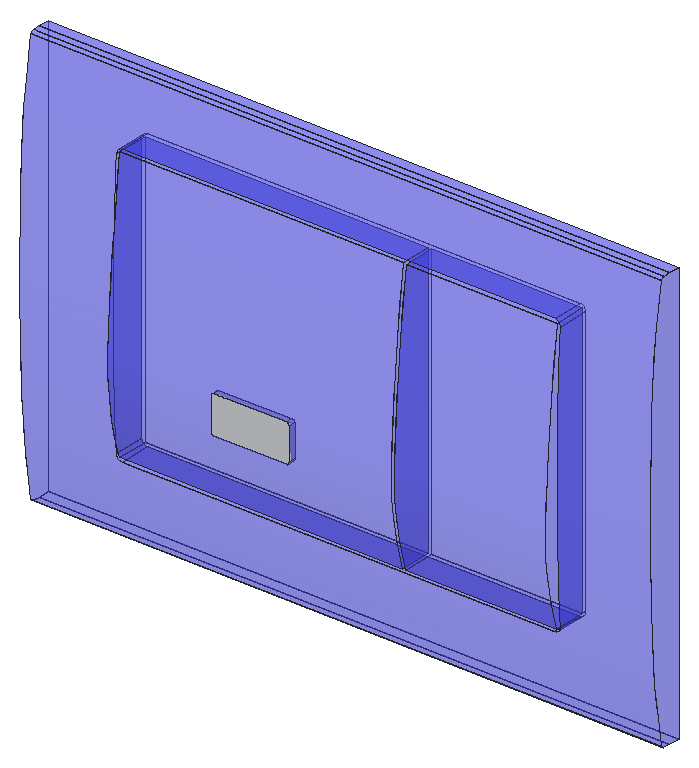
Revit family "IS_Septa_R0131_BIM_DE", category Plumbing Fixtures, Revit 2017
Family settings
  Round Connector Dimension = Use Diameter
  Part Type = Normal
  OmniClass Number = 23.45.00.00
  OmniClass Title = Sanitary, Laundry, and Cleaning Equipment
  Work Plane-Based = Yes
  Always vertical = Yes
  Cut with Voids When Loaded = No
  Shared = No
  Room Calculation Point = No
Parameters (values of type "R0131AA - SEPTA PRO E1 CHROME - IS")
  aux [instance] = if(FRAME, 0.0 mm, 1000.0 mm)  # 1000.0 mm
  Wisselstukken = "n/a"
  Werkdruk = "n/a"
  WaarborgGarantieInstallatie = "n/a"
  Vorm = "n/a"
  Volumeunits = "Litres"
  Verwachtelevensduur = "5"
  Vervangingskosten = 0
  Versie = "1"
  ValutaEenheid = "n/a"
  Urlproducent = "https://www.idealstandard.de/de/products"
  UrinoirType = "n/a"
  Uniclass2015Referentie = "Pr_40_20_93"
  Uniclass2015Beschrijving = "n/a"
  URL = "https://www.idealstandard.de/de/products"
  Typewastafel = "n/a"
  TypespoelingWC = "n/a"
  Typekraanwerk = "n/a"
  Typeconnectie = "n/a"
  Typebad = "n/a"
  TypeWC = "n/a"
  Toepassing = ""
  Testdruk = "n/a"
  Telefoonnummer = "+49 (0) 6571 16 0"
  Sluitingspatroon = "n/a"
  Revisie = "n/a"
  Referentie = ""
  Productinformatie = "https://www.idealstandard.de/profibereich"
  ProductSoort = ""
  Overloop = 0.0 mm
  OppervlakteEenheid = "mm"
  OppervlakteAfmeting = "n/a"
  Ophangingwastafel = "n/a"
  Normen = "n/a"
  Nettogewicht = 0.9
  Montageinstuctie = "https://www.idealstandard.de/profibereich"
  Model = "R0131AA"
  Merk = "Ideal Standard"
  MateriaalWC = "n/a"
  MateriaalUrinoir = "n/a"
  Materiaal = "Metal"
  Manufacturer = ""
  Lengte = 0.0 mm
  Kwaliteitsgraad = "n/a"
  Kleurwc = "n/a"
  KleurUrinoir = "n/a"
  Kleur = "0"
  Klepmechanisme = "n/a"
  Keynote = "n/a"
  Installatieinstructies = "https://www.idealstandard.de/profibereich"
  Hulp = "https://www.idealstandard.de/unternehmen"
  Hoogte = ""
  Heefthandvaten = no
  GrootteAfvoergat = 0
  GemaaktOp = "n/a"
  Garantieunits = "Year"
  Garantieonderdelen = "n/a"
  GarantieduurInstallatie = "n/a"
  Functiekraanwerk = "n/a"
  Functieindoucheruimte = "n/a"
  FRAME [instance] = no
  Eigenschappen = "n/a"
  Duurzaamheid = "n/a"
  DuurEenheid = "year"
  Douchebak = no
  Doorstromingscoëfficiënt = "n/a"
  Distributeur = "n/a"
  DikteMateriaal = "n/a"
  Diepte = 0.0 mm
  Description = "AntiVandal Proximity plate, CP DF including mechanical actuation"
  Default Elevation = 900.0 mm
  Debiet = ""
  CONTROL_Width = 14.0 mm  # constant formula
  Flush_Plate_Material [instance] = Phase-Temp
  CONTROL_Model Series = ""
  CONTROL_Material = "Polished chrome Zamac"
  CONTROL_Length = 243.0 mm  # constant formula
  CONTROL_Height = 163.0 mm  # constant formula
  CONTROL_Brief description = "High-tech inside and out. Electronic control plate with infrared sensor and mechanical atuation"  # constant formula
  BrutoGewicht = 0
  Breedte = 0
  BimObjectNaam = "0"
  Bestanddelen = "n/a"
  Beschrijvinggarantie = "Manufacturers Warranty"
  Beschrijvingdouchekop = "n/a"
  BeschrijvingBovenkantKraan = "n/a"
  Bedieningkraanwerk = "n/a"
  Bedieningkraan = "n/a"
  Barrièrevrijwonen = "n/a"
  Barcode = "0"
  Auteur = "Ideal Standrad"
  Artikelreferentie = "1"
  Artikelomschrijving = "Betätigungsplatte M3 OLEAS, mechanischen Auslösung, Schwarz"
  Artikelnummer = "R0131AA"
  Afwerking = "0"
  AfstandsEenheid = "millimeters"
  AfsluitNiveau = "n/a"
  Afmetingen = "0"
  Accesoires = ""
Reference planes
  plane 1 "Center (Front/Back)": y = 0
  plane 2: z = 0
  plane 3 "Center (Left/Right)": x = 0
  plane 4: y = -14
  plane 5: x = 115
  plane 6: x = -128
  plane 7: z = 918.497
  plane 8: z = 1000
Dimensions and locks
  "CONTROL_Width": plane 1 "Center (Front/Back)" to plane 4
  "CONTROL_Length": plane 6 to plane 5
  "aux": plane 8 to level
  locked: plane 8 to plane 7 at 81.503
  aligned and locked: level to plane 2
  aligned and locked: plane 7 to nested 1
Nested families
  nested 1: "Family3" at (16.596, -18.014, -293.007), OLI_Material <- "Flush_Plate_Material", type "Family3"
    with OLI_Material Phase-Temp
Definition of nested family "Family3"
  Parameters (values of type "Family3")
    OLI_Material [instance] = none
  Reference planes
    plane 1 "Center (Front/Back)": y = 0
    plane 2: z = 0
    plane 3 "Center (Left/Right)": x = 0
    plane 4: z = 1213.504
    plane 5: z = 1359.404
    plane 6: z = 1213.504
    plane 7: z = 1359.404
  Forms (mm)
    Extrusion 1, solid, material <- "OLI_Material"
      sketch origin (-131.596, 18.014, 286.608) x (0, 1, 0) y (0, 0, 1)
        loop
          line (-12.417, 955.095) -> (0, 955.095) -> (0, 1060.695) -> (-12.27, 1060.695)
          spline (-12.27, 1060.695) -> (-13.86, 1047.055) -> (-15.003, 1035.681) -> (-16.047, 1024.096) -> (-16.675, 1016.308) -> (-16.945, 1011.881) -> (-17.46, 1003.996) -> (-17.978, 994.625) -> (-18.079, 989.313) -> (-17.733, 981.732) -> (-16.888, 974.476) -> (-15.423, 966.052) -> (-12.417, 955.095)
      from 24.235 to 133.435
    Extrusion 2, solid, material <- "OLI_Material"
      sketch origin (-16.596, 18.014, 1286.504) x (0, 1, 0) y (0, 0, 1)
        loop
          arc (-4.7, 88) -> (-5.9, 87.977) -> (-7.091, 87.833) r 11.787
          arc (-7.091, 87.833) -> (-7.916, 87.621) -> (-8.5, 87) r 1.53
          spline (-8.5, 87) -> (-12.105, 61.076) -> (-12.859, 50.49) -> (-13.295, 39.946) -> (-13.605, 25.847) -> (-13.801, 13.438) -> (-13.833, 3.382) -> (-13.74, -8.835) -> (-13.439, -19.663) -> (-13.047, -32.182) -> (-12.45, -42.283) -> (-11.232, -55.566) -> (-8.5, -74)
          arc (-8.5, -74) -> (-8.091, -74.5) -> (-7.506, -74.776) r 1.467
          arc (-7.506, -74.776) -> (-6.055, -74.936) -> (-4.596, -75) r 22.031
          line (-4.596, -75) -> (0, -75) -> (0, 87.849) -> (-4.7, 88)
      from -128 to 115
    Extrusion 3, solid, material <- "OLI_Material"
      sketch origin (-72.222, 18.014, 286.608) x (0, 1, 0) y (0, 0, 1)
        loop
          line (-12.417, 955.095) -> (0, 955.095) -> (0, 1060.695) -> (-12.27, 1060.695)
          spline (-12.27, 1060.695) -> (-13.86, 1047.055) -> (-15.003, 1035.681) -> (-16.047, 1024.096) -> (-16.675, 1016.308) -> (-16.945, 1011.881) -> (-17.46, 1003.996) -> (-17.978, 994.625) -> (-18.079, 989.313) -> (-17.733, 981.732) -> (-16.888, 974.476) -> (-15.423, 966.052) -> (-12.417, 955.095)
      from 75.235 to 133.435
    Extrusion 4, void
      sketch origin (-16.596, 18.014, 1286.504) x (1, 0, 0) y (0, 0, 1)
        loop
          arc (-92, -43.8) -> (-91.344, -45.344) -> (-89.8, -46) r 2.242
          line (-89.8, -46) -> (76.8, -46)
          arc (76.8, -46) -> (78.356, -45.356) -> (79, -43.8) r 2.2
          line (79, -43.8) -> (79, 59.8)
          arc (79, 59.8) -> (78.356, 61.356) -> (76.8, 62) r 2.2
          line (76.8, 62) -> (-89.8, 62)
          arc (-89.8, 62) -> (-91.356, 61.356) -> (-92, 59.8) r 2.2
          line (-92, 59.8) -> (-92, -43.8)
      from -10.694 to 18.014
    Extrusion 5, solid
      sketch origin (-16.596, 18.014, 1286.504) x (1, 0, 0) y (0, 0, 1)
        loop
          line (-21.665, -5.501) -> (-49.664, -5.501)
          arc (-49.664, -5.501) -> (-50.372, -5.794) -> (-50.665, -6.502) r 1.001
          line (-50.665, -6.502) -> (-50.665, -18.999)
          arc (-50.665, -18.999) -> (-50.372, -19.707) -> (-49.665, -20) r 1.001
          line (-49.665, -20) -> (-21.675, -20)
          arc (-21.675, -20) -> (-20.961, -19.704) -> (-20.665, -18.989) r 1.011
          line (-20.665, -18.989) -> (-20.665, -6.501)
          arc (-20.665, -6.501) -> (-20.957, -5.794) -> (-21.665, -5.501) r 1
      from 15.855 to 18.272
    Extrusion 6, solid, not visible
      sketch origin (-139.843, 5, 1208.441) x (1, 0, 0) y (0, 0, 1)
        loop
          line (243.566, 10) -> (245, 10) -> (245, 15.158) -> (243.566, 15.158) -> (243.566, 10)
        loop
          line (243.283, 10) -> (243.283, 11.079) -> (241.272, 11.079) -> (241.272, 15.159) -> (239.847, 15.159) -> (239.847, 10) -> (243.283, 10)
        loop
          line (236.98, 15.258) -> (235.886, 12.252)
          arc (235.886, 12.252) -> (236.405, 11.134) -> (237.522, 11.653) r 0.871
          line (237.522, 11.653) -> (238.623, 14.659)
          arc (238.623, 14.659) -> (236.057, 10.173) -> (236.98, 15.258) r 2.622
      from 8 to 15.406
    Extrusion 7, solid, not visible
      sketch origin (-139.999, 5, 1208.597) x (1, 0, 0) y (0, 0, 1)
        loop
          circle (237.759, 14.263) r 0.7
      from 8 to 15.406
    Extrusion 8, solid, material <- "OLI_Material", not visible
      sketch origin (-115, 0, 286.608) x (0, 1, 0) y (0, 0, 1)
        loop
          line (-12.417, 955.095) -> (0, 955.095) -> (0, 1060.695) -> (-12.27, 1060.695)
          spline (-12.27, 1060.695) -> (-13.86, 1047.055) -> (-15.003, 1035.681) -> (-16.047, 1024.096) -> (-16.675, 1016.308) -> (-16.945, 1011.881) -> (-17.46, 1003.996) -> (-17.978, 994.625) -> (-18.079, 989.313) -> (-17.733, 981.732) -> (-16.888, 974.476) -> (-15.423, 966.052) -> (-12.417, 955.095)
      from 24.235 to 133.435
    Extrusion 9, solid, material <- "OLI_Material", not visible
      sketch origin (0, 0, 1286.504) x (0, 1, 0) y (0, 0, 1)
        loop
          arc (-4.7, 88) -> (-5.9, 87.977) -> (-7.091, 87.833) r 11.787
          arc (-7.091, 87.833) -> (-7.916, 87.621) -> (-8.5, 87) r 1.53
          spline (-8.5, 87) -> (-12.105, 61.076) -> (-12.859, 50.49) -> (-13.295, 39.946) -> (-13.605, 25.847) -> (-13.801, 13.438) -> (-13.833, 3.382) -> (-13.74, -8.835) -> (-13.439, -19.663) -> (-13.047, -32.182) -> (-12.45, -42.283) -> (-11.232, -55.566) -> (-8.5, -74)
          arc (-8.5, -74) -> (-8.091, -74.5) -> (-7.506, -74.776) r 1.467
          arc (-7.506, -74.776) -> (-6.055, -74.936) -> (-4.596, -75) r 22.031
          line (-4.596, -75) -> (0, -75) -> (0, 87.849) -> (-4.7, 88)
      from -128 to 115
    Extrusion 10, solid, material <- "OLI_Material", not visible
      sketch origin (-55.625, 0, 286.608) x (0, 1, 0) y (0, 0, 1)
        loop
          line (-12.417, 955.095) -> (0, 955.095) -> (0, 1060.695) -> (-12.27, 1060.695)
          spline (-12.27, 1060.695) -> (-13.86, 1047.055) -> (-15.003, 1035.681) -> (-16.047, 1024.096) -> (-16.675, 1016.308) -> (-16.945, 1011.881) -> (-17.46, 1003.996) -> (-17.978, 994.625) -> (-18.079, 989.313) -> (-17.733, 981.732) -> (-16.888, 974.476) -> (-15.423, 966.052) -> (-12.417, 955.095)
      from 75.235 to 133.435
    Extrusion 11, void, not visible
      sketch origin (0, 0, 1286.504) x (1, 0, 0) y (0, 0, 1)
        loop
          arc (-92, -43.8) -> (-91.344, -45.344) -> (-89.8, -46) r 2.242
          line (-89.8, -46) -> (76.8, -46)
          arc (76.8, -46) -> (78.356, -45.356) -> (79, -43.8) r 2.2
          line (79, -43.8) -> (79, 59.8)
          arc (79, 59.8) -> (78.356, 61.356) -> (76.8, 62) r 2.2
          line (76.8, 62) -> (-89.8, 62)
          arc (-89.8, 62) -> (-91.356, 61.356) -> (-92, 59.8) r 2.2
          line (-92, 59.8) -> (-92, -43.8)
      from -10.694 to 18.014
    Extrusion 12, solid, not visible
      sketch origin (0, 0, 1286.504) x (1, 0, 0) y (0, 0, 1)
        loop
          line (-21.665, -5.501) -> (-49.664, -5.501)
          arc (-49.664, -5.501) -> (-50.372, -5.794) -> (-50.665, -6.502) r 1.001
          line (-50.665, -6.502) -> (-50.665, -18.999)
          arc (-50.665, -18.999) -> (-50.372, -19.707) -> (-49.665, -20) r 1.001
          line (-49.665, -20) -> (-21.675, -20)
          arc (-21.675, -20) -> (-20.961, -19.704) -> (-20.665, -18.989) r 1.011
          line (-20.665, -18.989) -> (-20.665, -6.501)
          arc (-20.665, -6.501) -> (-20.957, -5.794) -> (-21.665, -5.501) r 1
      from 15.855 to 18.272
  Cuts and joins
    Extrusion 4 cuts Extrusion 2
  Dimensions and locks
    aligned and locked: level to plane 2
  Automatic sketch dimensions
    Extrusion 7 sketch curve to plane 6 = 9.355 mm
    Extrusion 8 sketch curve to plane 6 = 28.199 mm
    Extrusion 8 sketch curve to plane 7 = 12.1 mm
    Extrusion 10 sketch curve to plane 6 = 28.199 mm
    Extrusion 10 sketch curve to plane 7 = 12.1 mm
    Extrusion 11 sketch curve to plane 7 = 13.1 mm  (x2)
    Extrusion 11 sketch curve to Extrusion 11 sketch curve = 3.111 mm  (x4)
    Extrusion 11 sketch curve to plane 6 = 29.199 mm
    Extrusion 11 sketch curve to Extrusion 11 sketch curve = 2.242 mm
    Extrusion 9 sketch curve to Extrusion 9 sketch curve = 2.97 mm  (x2)
    plane 6 to Extrusion 9 sketch curve = 0.345 mm
    Extrusion 9 sketch curve to Extrusion 9 sketch curve = 3.075 mm
    Extrusion 9 sketch curve to Extrusion 9 sketch curve = 1.53 mm  (x2)
    Extrusion 9 sketch curve to plane 6 = 20.029 mm
    plane 7 to Extrusion 9 sketch curve = 3.319 mm
    Extrusion 6 sketch curve to plane 6 = 6.889 mm
    Extrusion 6 sketch curve to Extrusion 6 sketch curve = 0.728 mm  (x2)
    Extrusion 6 sketch curve to Extrusion 6 sketch curve = 2.622 mm  (x2)
    Extrusion 6 sketch curve to Extrusion 6 sketch curve = 1.748 mm
    Extrusion 6 sketch curve to Extrusion 6 sketch curve = 3.7 mm
    Extrusion 6 sketch curve to Extrusion 6 sketch curve = 1.787 mm
    Extrusion 6 sketch curve to Extrusion 6 sketch curve = 2.282 mm
    Extrusion 6 sketch curve to Extrusion 6 sketch curve = 0.282 mm
    Extrusion 6 sketch curve to Extrusion 6 sketch curve = 1.434 mm
    Extrusion 6 sketch curve to Extrusion 6 sketch curve = 4.651 mm
    Extrusion 6 sketch curve to Extrusion 6 sketch curve = 1.079 mm
    Extrusion 6 sketch curve to Extrusion 6 sketch curve = 1.717 mm
    Extrusion 6 sketch curve to Extrusion 6 sketch curve = 4.425 mm
    Extrusion 6 sketch curve to Extrusion 6 sketch curve = 2.294 mm
    Extrusion 6 sketch curve to Extrusion 6 sketch curve = 0.871 mm  (x2)
    Extrusion 6 sketch curve to plane 6 = 6.589 mm
    Extrusion 12 sketch curve to Extrusion 12 sketch curve = 1.415 mm  (x2)
    Extrusion 12 sketch curve to Extrusion 12 sketch curve = 13.488 mm
    Extrusion 12 sketch curve to Extrusion 12 sketch curve = 1.0 mm
    Extrusion 12 sketch curve to Extrusion 12 sketch curve = 12.488 mm
    Extrusion 8 sketch curve to Extrusion 8 sketch curve = 105.6 mm
    Extrusion 8 sketch curve to Extrusion 8 sketch curve = 12.27 mm
    plane 7 to Extrusion 9 sketch curve = 14.1 mm
    Extrusion 9 sketch curve to Extrusion 9 sketch curve = 1.467 mm
    Extrusion 9 sketch curve to Extrusion 9 sketch curve = 10.293 mm
    Extrusion 9 sketch curve to Extrusion 9 sketch curve = 20.569 mm
    Extrusion 9 sketch curve to Extrusion 9 sketch curve = 4.702 mm
    plane 6 to Extrusion 9 sketch curve = 1.001 mm
    plane 6 to Extrusion 9 sketch curve = 2.001 mm
    Extrusion 9 sketch curve to Extrusion 9 sketch curve = 7.303 mm
    Extrusion 10 sketch curve to Extrusion 10 sketch curve = 105.6 mm
    Extrusion 10 sketch curve to Extrusion 10 sketch curve = 12.27 mm
    Extrusion 11 sketch curve to Extrusion 11 sketch curve = 166.6 mm
    Extrusion 12 sketch curve to plane 6 = 54.0 mm
    Extrusion 12 sketch curve to Extrusion 12 sketch curve = 27.989 mm
    radius of Extrusion 7 sketch curve = 0.7 mm
